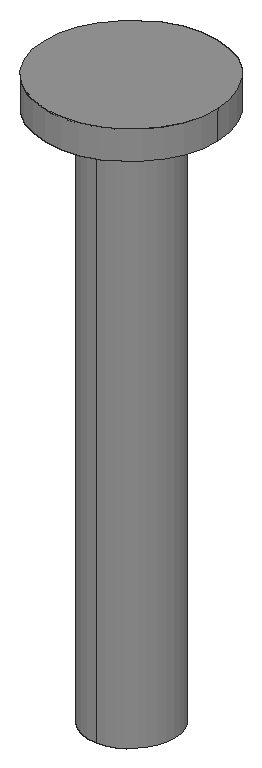
Revit family "PGR_Noken_ShwrHdHldrs_BRAZO_ROCIADOR_RONDO", category Plumbing Fixtures, Revit 2017
Family settings
  Round Connector Dimension = Use Diameter
  Part Type = Normal
  OmniClass Number = 23.45.55.17
  OmniClass Title = Mixing Faucets
  Work Plane-Based = No
  Always vertical = Yes
  Cut with Voids When Loaded = No
  Shared = No
  Room Calculation Point = No
Parameters (values of type "BRAZO ROCIADOR CROMO - 100090331")
  WarrantyStartDate [instance] = ""
  WarrantyGuarantorParts = "bim.gp@porcelanosagrupo.com"
  WarrantyGuarantorLabor = "n/a"
  WarrantyDurationUnit = "Year"
  WarrantyDurationParts = "n/a"
  WarrantyDurationLabor = "n/a"
  WarrantyDescription = "See ProductInformation for technical PDF"
  Version = "1"
  Uniclass2015Version = "V1_9"
  Uniclass2015Title = "Shower heads"
  Uniclass2015Code = "Pr_40_20_87_76"
  URL = "www.noken.com"
  TechnicalDrawing = "See ProductInformation for technical PDF"
  TagNumber [instance] = ""
  SustainabilityPerformance = "See ProductInformation for technical PDF"
  Status = "UNSET"
  Size = "200x30x30mm"
  ShowerType = "UNSET"
  ShowerHeadDescription = "Rondo. Shower arm. Material brass, finish chrome plated, nominal lenght 200, nominal height 30, nominal width30, net product weight 0,3. UNE EN 1112, UNE EN 248"
  Shape = "Round"
  SerialNumber [instance] = ""
  Revision = "n/a"
  ReplacementCost = "n/a"
  Reference = "-"
  ProductInformation = "http://calidad.info-grupo.com:8081/GeneraFicha3/PDF?articulo=100090331&lang=EN&un=0"
  NominalWidth = 60 mm
  NominalLength = 60 mm
  NominalHeight = 200 mm
  NominalDepth = 0 mm
  NettWeight = 0
  Name = "ShowerHeads_RONDO_chrome-200x30x30mm-100090331"
  NBSReference = "45-35-70/333"
  NBSDescription = "Shower Heads"
  ModelReference = "BRAZO ROCIADOR RONDO VERTICAL 20CM CROMO"
  ModelNumber = "100090331"
  Model = "100090331"
  MaterialThickness = 0 mm
  MaterialMetal = PGR_Noken_Brass_Chrome
  Type Image = 100090331.jpg
  Material = "Brass"
  ManufacturerURL = "www.noken.com"
  Manufacturer = "bim.gp@porcelanosagrupo.com"
  InstallationDate [instance] = ""
  IfcExportType = "Shower"
  IfcExportAs = "IfcSanitaryTerminalType"
  HasTray = no
  Grade = "n/a"
  Finish = "chrome"
  Features = "See ProductInformation for technical PDF"
  ExpectedLife = "n/a"
  DurationUnit = "Year"
  DrainSize = 0 mm
  CreationDate = "2019/02"
  Constituents = "Shower head arm"
  Color = "Chrome"
  Collection = "RONDO"
  CodePerformance = ""
  Category = "Pr_40_20_87_76: Shower heads"
  BarCode [instance] = ""
  BIMObjectName = "PGR_Noken_ShowerHeads_RONDO_chrome-200x30x30mm-100090331"
  Author = "Porcelanosa Group"
  AssetType = "Fixed"
  AssetIdentifier [instance] = ""
  AccessibilityPerformance = "See ProductInformation for technical PDF"
Reference planes
  plane 1 "Center (Front/Back)": y = 0
  plane 2 "Bottom": z = 0
  plane 3 "Center (Left/Right)": x = 0
  plane 4 "Left": x = -30
  plane 5 "Right": x = 30
  plane 6 "Back": y = 30
  plane 7 "Front": y = -30
  plane 8 "Top": z = 200
Forms (mm)
  Extrusion 1, solid, material "PGR_Noken_Brass_Chrome" <- "MaterialMetal"
    sketch origin (0, 0, 200) x (1, 0, 0) y (0, 1, 0)
      loop
        circle (0, 0) r 30
    from 0 to -10
  Extrusion 2, solid, material "PGR_Noken_Brass_Chrome" <- "MaterialMetal"
    sketch origin (0, 0, 190) x (0, 1, 0) y (1, 0, 0)
      loop
        circle (0, 0) r 15
    from 0 to 190
Cuts and joins
  joined: Extrusion 1, Extrusion 2
Lines and regions (mm)
  Masking region 1
    outline origin (0, 0, 0) x (0, 1, 0) y (0, 0, 1)
      loop
        line (30, 200) -> (-30, 200) -> (-30, 190) -> (-15, 190) -> (-15, 0) -> (15, 0) -> (15, 190) -> (30, 190) -> (30, 200)
  Masking region 2
    outline origin (0, 0, 0) x (1, 0, 0) y (0, 0, 1)
      loop
        line (-30, 200) -> (-30, 190) -> (-15, 190) -> (-15, 0) -> (15, 0) -> (15, 190) -> (30, 190) -> (30, 200) -> (-30, 200)
  Masking region 3
    outline origin (0, 0, 0) x (1, 0, 0) y (0, 1, 0)
      loop
        circle (0, 0) r 30
  symbolic lines
    curve 1: line (0, 15, 190) -> (0, -15, 190)
    curve 2: line (-15, 0, 190) -> (15, 0, 190)
Dimensions and locks
  equal spacing: plane 7 "Front", plane 1 "Center (Front/Back)", plane 6 "Back"
  equal spacing: plane 4 "Left", plane 3 "Center (Left/Right)", plane 5 "Right"
  "NominalLength": plane 7 "Front" to plane 6 "Back"
  "NominalWidth": plane 4 "Left" to plane 5 "Right"
  "NominalHeight": plane 2 "Bottom" to plane 8 "Top"
  aligned and locked: level to plane 2 "Bottom"
Automatic sketch dimensions
  plane 1 "Center (Front/Back)" to Extrusion 1 sketch curve = 0 mm
  Extrusion 1 sketch curve to plane 3 "Center (Left/Right)" = 0 mm
  Masking region 1 sketch curve to plane 7 "Front" = 0 mm
  Masking region 1 sketch curve to level = 0 mm
  Masking region 1 sketch curve to plane 6 "Back" = 0 mm
  Masking region 1 sketch curve to plane 8 "Top" = 0 mm
  plane 1 "Center (Front/Back)" to Masking region 1 sketch curve = 15 mm
  Masking region 1 sketch curve to plane 1 "Center (Front/Back)" = 15 mm
  Masking region 1 sketch curve to plane 8 "Top" = 10 mm  (x2)
  plane 1 "Center (Front/Back)" to curve 1 = 15 mm
  curve 1 to plane 8 "Top" = 10 mm
  curve 1 to plane 1 "Center (Front/Back)" = 15 mm
  Masking region 2 sketch curve to plane 4 "Left" = 0 mm
  Masking region 2 sketch curve to level = 0 mm
  Masking region 2 sketch curve to plane 5 "Right" = 0 mm
  Masking region 2 sketch curve to plane 8 "Top" = 0 mm
  Masking region 2 sketch curve to plane 3 "Center (Left/Right)" = 15 mm
  plane 3 "Center (Left/Right)" to Masking region 2 sketch curve = 15 mm
  Masking region 2 sketch curve to Masking region 2 sketch curve = 10 mm
  Masking region 2 sketch curve to plane 8 "Top" = 10 mm
  curve 2 to plane 3 "Center (Left/Right)" = 15 mm
  curve 2 to plane 8 "Top" = 10 mm
  plane 3 "Center (Left/Right)" to curve 2 = 15 mm
  plane 1 "Center (Front/Back)" to Masking region 3 sketch curve = 0 mm
  Masking region 3 sketch curve to plane 3 "Center (Left/Right)" = 0 mm
  radius of Extrusion 1 sketch curve = 30 mm
  radius of Extrusion 2 sketch curve to Extrusion 1 = 15 mm
  radius of Masking region 3 sketch curve = 30 mm
